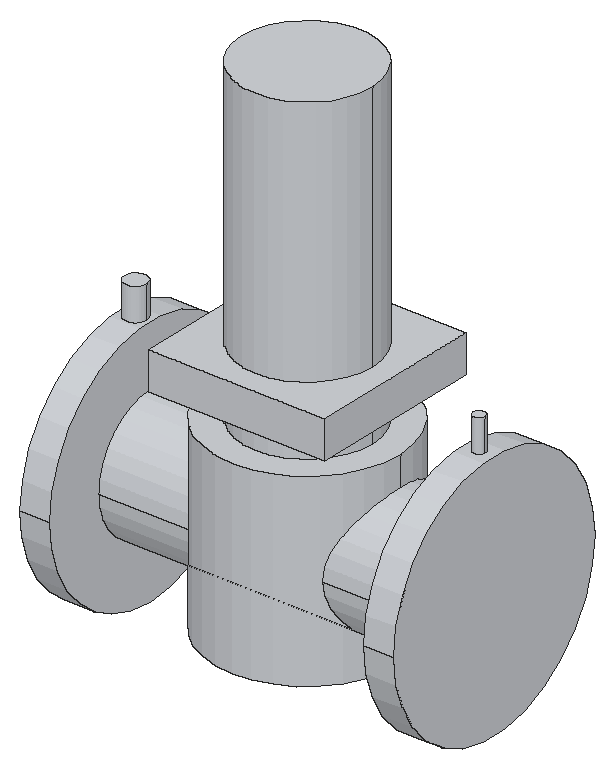
Revit family "PV_Compact_PN16_DN100_(20-100kPa)_RFA_2019", category Pipe Accessories, Revit 2019
Family settings
  Round Connector Dimension = Use Diameter
  Part Type = Valve - Breaks Into
  Work Plane-Based = No
  Always vertical = Yes
  Cut with Voids When Loaded = No
  Shared = No
Parameters (values of type "PV Compact PN16 DN100 (20-100kPa)")
  magiProductId = "9ee8abb4b353443d9e820e5bd3bf33"
  magiProductFamilyId = "23d1f353e6b1477a88f64fef0dfa1d"
  magiPartTypeId = 304
  isMeasuringValve [instance] = no
  ang2D [instance] = 0.00°
  W2D = 50 mm
  VersionID = "2.0/2018.12.13.2/FRESE_PV_COMPACT_BIG_Q13_001"
  Use Minimum Symbol Size [instance] = no
  URL = "www.hydronic.cz"
  Type Comments = "PŘÍRUBOVÝ; PN16; dpmax=1000kPa; -10~+120°C"
  R4 = 61.25 mm
  R3 = 61.1 mm
  R1 = 87.5 mm
  QmdConnectorList = "301;D;302;D"
  Productdata [instance] = ""
  Manufacturer = "Hydronic Systems Prague s.r.o."
  Maintenance Zone Under Depth [instance] = 100 mm
  Maintenance Zone Right Depth [instance] = 100 mm
  Maintenance Zone Over Depth [instance] = 100 mm
  Maintenance Zone Left Depth [instance] = 100 mm
  Maintenance Zone Front Depth [instance] = 100 mm
  Maintenance Zone Back Depth [instance] = 100 mm
  Maintenance Zone Front Visibility [instance] = no
  MC Use Limits From Balancing Method = no
  MC Throttling Minimum Value = 0
  MC Throttling Maximum Value = 0
  MC Product Code = "53-3309 DN100 PN16; nastavitelný rozsah dp=20~100kPa; Q=12,9~51,4 m3/h;  kvs=115"
  MC Pressure Drop Minimum Value = 0.0 Pa
  MC Pressure Drop Maximum Value = 0.0 Pa
  MC Piping Given Pressure Drop [instance] = 0.0 Pa
  LF__ve = -LF  # -28 mm
  LF2 = 14 mm
  LF = 28 mm
  L4 = 164.5 mm
  L3 = 294 mm
  L2D_Min = 30.48 mm
  L2D = 230 mm
  L2 = 175 mm
  H6 = 234.75 mm
  H4 = 35.25 mm
  H3 = 29.375 mm
  H2 = 88.125 mm
  H1 = 176.25 mm
  Description = "Nastavitelný regulátor tlakové diference"
  DF2 = 117.5 mm
  D = 100 mm
  Clearance Zone Height Depth [instance] = 100 mm
  Clearance Zone Circular Radius [instance] = 175 mm
  Clearance Zone Visibility [instance] = no
  CAT0 = yes
Types (7, lengths in mm): name | magiProductId | Type Comments | R4 | R3 | R1 | MC Product Code | LF__ve | LF2 | LF | L4 | L3 | L2 | H6 | H4 | H3 | H2 | H1 | DF2 | D | Clearance Zone Circular Radius
  PV Compact PN16 DN050 (20-100kPa) | "00877ad72a9f485bb97ca64af9b4c2" | "PŘÍRUBOVÝ; PN16; dpmax=1000kPa; -10~+120°C" | 40.25 | 42.9 | 57.5 | "53-3300 DN50 PN16; nastavitelný rozsah dp=20~100kPa; Q=3,2~13 m3/h;  kvs=29" | -18.4 | 9.2 | 18.4 | 108.1 | 193.2 | 115 | 82.25 | 24.75 | 20.625 | 61.875 | 123.75 | 82.5 | 50 | 115
  PV Compact PN16 DN065 (20-100kPa) | "4caf92840fdb43d88ad3b460526bbd" | "PŘÍRUBOVÝ; PN16; dpmax=1000kPa; -10~+120°C" | 50.75 | 48.1 | 72.5 | "53-3303 DN65 PN16; nastavitelný rozsah dp=20~100kPa; Q=4,7~18,8 m3/h;  kvs=42" | -23.2 | 11.6 | 23.2 | 136.3 | 243.6 | 145 | 105.25 | 27.75 | 23.125 | 69.375 | 138.75 | 92.5 | 65 | 145
  PV Compact PN16 DN080 (20-100kPa) | "fe1ae4728650433e927a6ac465ecb1" | "PŘÍRUBOVÝ; PN16; dpmax=1000kPa; -10~+120°C" | 54.25 | 52 | 77.5 | "53-3306 DN80 PN16; nastavitelný rozsah dp=20~100kPa; Q=7,5~30 m3/h;  kvs=67" | -24.8 | 12.4 | 24.8 | 145.7 | 260.4 | 155 | 141 | 30 | 25 | 75 | 150 | 100 | 80 | 155
  PV Compact PN16 DN100 (20-100kPa) | "9ee8abb4b353443d9e820e5bd3bf33" | "PŘÍRUBOVÝ; PN16; dpmax=1000kPa; -10~+120°C" | 61.25 | 61.1 | 87.5 | "53-3309 DN100 PN16; nastavitelný rozsah dp=20~100kPa; Q=12,9~51,4 m3/h;  kvs=115" | -28 | 14 | 28 | 164.5 | 294 | 175 | 234.75 | 35.25 | 29.375 | 88.125 | 176.25 | 117.5 | 100 | 175
  PV Compact PN16 DN125 (20-100kPa) | "e22e3bcdfcda477085ce507150ab41" | "PŘÍRUBOVÝ; PN16; dpmax=1000kPa; -10~+120°C" | 70 | 70.2 | 100 | "53-3312 DN125 PN16; nastavitelný rozsah dp=20~100kPa; Q=19,0~76,0 m3/h;  kvs=170" | -32 | 16 | 32 | 188 | 336 | 200 | 225.5 | 40.5 | 33.75 | 101.25 | 202.5 | 135 | 125 | 200
  PV Compact PN16 DN150 (20-100kPa) | "c042f62d475c462ea84624600fc620" | "PŘÍRUBOVÝ; PN16; dpmax=1000kPa; -10~+120°C" | 84 | 74.1 | 120 | "53-3315 DN150 PN16; nastavitelný rozsah dp=20~100kPa; Q=28,0~112 m3/h;  kvs=250" | -38.4 | 19.2 | 38.4 | 225.6 | 403.2 | 240 | 256.25 | 42.75 | 35.625 | 106.875 | 213.75 | 142.5 | 150 | 240
  PV Compact PN16 DN200 (20-100kPa) | "073b87d1a570497386745af6d59d88" | "PŘÍRUBOVÝ; PN16; dpmax=1000kPa; -10~+110°C" | 105 | 98.8 | 150 | "53-3318 DN200 PN16; nastavitelný rozsah dp=20~100kPa; Q=30,7~123 m3/h;  kvs=275" | -48 | 24 | 48 | 282 | 504 | 300 | 150 | 57 | 47.5 | 142.5 | 285 | 190 | 200 | 300
Reference planes
  plane 1 "Center (Front/Back)": y = 0
  plane 2 "XYPLANE": z = 0
  plane 3 "Center (Left/Right)": x = 0
  plane 4 "257": y = -117.5
  plane 5 "256": y = 117.5
  plane 6 "255": z = -117.5
  plane 7 "254": y = -217.5
  plane 8 "253": y = 217.5
  plane 9 "252": x = -275
  plane 10 "251": x = 275
  plane 11 "250": z = 487.5
  plane 12 "249": z = -217.5
  plane 13 "248": z = 487.5
  plane 14 "247": z = 387.5
  plane 15 "157": x = 161
  plane 16 "156": x = -161
  plane 17 "155": z = 117.5
  plane 18 "154": z = 152.75
  plane 19 "153": z = 117.5
  plane 20 "152": z = 88.125
  plane 21 "151": x = -147
  plane 22 "150": z = -88.125
  plane 23 "149": x = 0
  plane 24 "148": y = 0
  plane 25 "147": z = 0
  plane 26 "146": x = -175
  plane 27 "145": x = 175
Forms (mm)
  Blend 1, solid, visible <- "Maintenance Zone Front Visibility"
    base sketch origin (-750, 0, -217.5) x (1, 0, 0) y (0, 1, 0)
      loop
        line (475, 217.5) -> (475, -217.5) -> (1025, -217.5) -> (1025, 217.5) -> (475, 217.5)
    top sketch origin (-750, 0, -217.5) x (1, 0, 0) y (0, 1, 0)
      loop
        line (475, 217.5) -> (475, -217.5) -> (1025, -217.5) -> (1025, 217.5) -> (475, 217.5)
    from 0 to 705
  Blend 2, solid, visible <- "Clearance Zone Visibility"
    base sketch origin (-750, 0, 0) x (1, 0, 0) y (0, 1, 0)
      loop
        circle (750, 0) r 175
    top sketch origin (-750, 0, 0) x (1, 0, 0) y (0, 1, 0)
      loop
        circle (750, 0) r 175
    from 0 to 487.5
  Extrusion 3, solid, visible <- "CAT0"
    sketch origin (-750, 0, 117.5) x (1, 0, 0) y (0, 1, 0)
      loop
        circle (911, 0) r 5.5
    from 0 to 30
  Extrusion 4, solid, visible <- "CAT0"
    sketch origin (-750, 0, 117.5) x (1, 0, 0) y (0, 1, 0)
      loop
        circle (589, 0) r 10.3
    from 0 to 30
  Extrusion 5, solid
    sketch origin (-750, 0, 152.75) x (1, 0, 0) y (0, 1, 0)
      loop
        circle (750, 0) r 61.25
    from 0 to 234.75 <- "H6"
  Extrusion 6, solid, visible <- "CAT0"
    sketch origin (-750, 0, 117.5) x (1, 0, 0) y (0, 1, 0)
      loop
        line (832.25, 82.25) -> (667.75, 82.25) -> (667.75, -82.25) -> (832.25, -82.25) -> (832.25, 82.25)
    from 0 to 35.25 <- "H4"
  Extrusion 7, solid, visible <- "CAT0"
    sketch origin (-750, 0, 88.125) x (1, 0, 0) y (0, 1, 0)
      loop
        circle (750, 0) r 61.25
    from 0 to 29.375 <- "H3"
  Extrusion 8, solid, visible <- "CAT0"
    sketch origin (-147, -750, 0) x (0, 1, 0) y (0, 0, 1)
      loop
        circle (750, 0) r 61.1
    from 0 to 294 <- "L3"
  Extrusion 9, solid, visible <- "CAT0"
    sketch origin (-750, 0, -88.125) x (1, 0, 0) y (0, 1, 0)
      loop
        circle (750, 0) r 87.5
    from 0 to 176.25 <- "H1"
  Extrusion 10, solid, visible <- "CAT0"
    sketch origin (-175, -750, 0) x (0, 1, 0) y (0, 0, 1)
      loop
        circle (750, 0) r 117.5
    from 0 to 28 <- "LF"
  Extrusion 11, solid, visible <- "CAT0"
    sketch origin (175, -750, 0) x (0, 1, 0) y (0, 0, 1)
      loop
        circle (750, 0) r 117.5
    from 0 to -28 <- "LF__ve"
  Extrusion 12, solid, not visible
    sketch origin (-175, -750, 0) x (0, 1, 0) y (0, 0, 1)
      loop
        circle (750, 0) r 10
    from 0 to 10
  Extrusion 13, solid, not visible
    sketch origin (175, -750, 0) x (0, 1, 0) y (0, 0, 1)
      loop
        circle (750, 0) r 10
    from 0 to -10
Lines and regions (mm)
  reference lines, not visible
    curve 1: circle (2, 2, 0) r 1 normal (0, 0, 1)
  reference lines
    curve 2: circle (0, 0, 117.5) r 1 normal (0, 0, 1)
Dimensions and locks
  plane 1 "Center (Front/Back)" to curve 1 = 2 mm
  "DF2": plane 24 "148" to plane 4 "257"
  "DF2": plane 24 "148" to plane 5 "256"
  "DF2": plane 25 "147" to plane 6 "255"
  "Maintenance Zone Front Depth": plane 4 "257" to plane 7 "254"
  "Maintenance Zone Back Depth": plane 5 "256" to plane 8 "253"
  "Maintenance Zone Left Depth": plane 26 "146" to plane 9 "252"
  "Maintenance Zone Right Depth": plane 27 "145" to plane 10 "251"
  "Maintenance Zone Over Depth": plane 14 "247" to plane 11 "250"
  "Maintenance Zone Under Depth": plane 6 "255" to plane 12 "249"
  "Clearance Zone Height Depth": plane 14 "247" to plane 13 "248"
  "H6": plane 18 "154" to plane 14 "247"
  "LF2": plane 27 "145" to plane 15 "157"
  "LF2": plane 26 "146" to plane 16 "156"
  "DF2": plane 2 "XYPLANE" to plane 17 "155"
  "H4": plane 19 "153" to plane 18 "154"
  "H3": plane 20 "152" to plane 19 "153"
  "H1": plane 22 "150" to plane 20 "152"
  "LF": plane 26 "146" to plane 21 "151"
  "H2": plane 2 "XYPLANE" to plane 22 "150"
  locked: plane 3 "Center (Left/Right)" to plane 23 "149"
  locked: plane 1 "Center (Front/Back)" to plane 24 "148"
  locked: plane 2 "XYPLANE" to plane 25 "147"
  "L2": plane 3 "Center (Left/Right)" to plane 26 "146"
  "L2": plane 3 "Center (Left/Right)" to plane 27 "145"
  Blend 1 sketch curve to Blend 1 sketch curve = 0 mm  (x16)
  equal spacing: Extrusion 6 sketch curve, curve 2, Extrusion 6 sketch curve  (x2)
  "L4": Extrusion 6 sketch curve to Extrusion 6 sketch curve  (x2)
  Extrusion 6 sketch curve to Extrusion 6 sketch curve = 0 mm  (x8)
  "Clearance Zone Circular Radius": radius of Blend 2 sketch curve  (x2)
  "R4": radius of Extrusion 5 sketch curve
  "R4": radius of Extrusion 7 sketch curve
  "R3": radius of Extrusion 8 sketch curve
  "R1": radius of Extrusion 9 sketch curve
  "DF2": radius of Extrusion 10 sketch curve
  "DF2": radius of Extrusion 11 sketch curve
  aligned and locked: level to plane 2 "XYPLANE"
  aligned and locked: Blend 1 sketch curve to plane 8 "253"  (x2)
  aligned and locked: plane 9 "252" to Blend 1 sketch curve  (x4)
  aligned and locked: plane 10 "251" to Blend 1 sketch curve  (x4)
  aligned and locked: plane 8 "253" to Blend 1 sketch curve  (x2)
  aligned and locked: plane 7 "254" to Blend 1 sketch curve  (x4)
  aligned and locked: plane 11 "250" to Blend 1
  aligned and locked: plane 23 "149" to Blend 2 sketch curve  (x2)
  aligned and locked: plane 24 "148" to Blend 2 sketch curve  (x2)
  aligned and locked: plane 13 "248" to Blend 2
  aligned and locked: plane 15 "157" to Extrusion 3 sketch curve
  aligned and locked: plane 24 "148" to Extrusion 3 sketch curve
  aligned and locked: plane 16 "156" to Extrusion 4 sketch curve
  aligned and locked: plane 24 "148" to Extrusion 4 sketch curve
  aligned and locked: plane 23 "149" to Extrusion 5 sketch curve
  aligned and locked: plane 24 "148" to Extrusion 5 sketch curve
  aligned and locked: plane 23 "149" to curve 2
  aligned and locked: plane 24 "148" to curve 2
  aligned and locked: plane 23 "149" to Extrusion 7 sketch curve
  aligned and locked: plane 24 "148" to Extrusion 7 sketch curve
  aligned and locked: Extrusion 8 sketch curve to plane 24 "148"
  aligned and locked: plane 25 "147" to Extrusion 8 sketch curve
  aligned and locked: plane 23 "149" to Extrusion 9 sketch curve
  aligned and locked: plane 24 "148" to Extrusion 9 sketch curve
  aligned and locked: Extrusion 10 sketch curve to plane 24 "148"
  aligned and locked: plane 25 "147" to Extrusion 10 sketch curve
  aligned and locked: Extrusion 11 sketch curve to plane 24 "148"
  aligned and locked: plane 25 "147" to Extrusion 11 sketch curve
  aligned and locked: Extrusion 12 sketch curve to plane 24 "148"
  aligned and locked: plane 25 "147" to Extrusion 12 sketch curve
  aligned and locked: Extrusion 13 sketch curve to plane 24 "148"
  aligned and locked: plane 25 "147" to Extrusion 13 sketch curve
Automatic sketch dimensions
  Extrusion 3 sketch curve to plane 15 "157" = 5.5 mm
  plane 26 "146" to Extrusion 4 sketch curve = 3.7 mm
  plane 1 "Center (Front/Back)" to Extrusion 12 sketch curve = 10 mm
  plane 1 "Center (Front/Back)" to Extrusion 13 sketch curve = 10 mm
  plane 3 "Center (Left/Right)" to curve 1 = 2 mm
  plane 21 "151" to Extrusion 6 sketch curve = 64.75 mm
  plane 4 "257" to Extrusion 6 sketch curve = 35.25 mm
  radius of curve 2 = 1 mm
  radius of curve 1 = 1 mm
Connectors
  piping at (-175, 0, 0), diameter 100, driven by "D"
    settings: on Extrusion 12, index 1, connector inside diameter 609.6 mm, connector length 0 mm, flow factor 0, pipe flow 0.0 L/s, pressure drop 0.0 Pa, fitting loss kfactor 0, connector angle 0.00°, fixture units 0, engagement length 0 mm, angle of deflection 0.00°, flow configuration 0, flow direction 0, fitting loss method 0, system type 29, joint type 0, gender type 0, connector reference index 2, connector utility 0, adjustable connector no, is connector primary yes, connector description ""
  piping at (175, 0, 0), diameter 100, driven by "D"
    settings: on Extrusion 13, index 2, connector inside diameter 609.6 mm, connector length 0 mm, flow factor 0, pipe flow 0.0 L/s, pressure drop 0.0 Pa, fitting loss kfactor 0, connector angle 0.00°, fixture units 0, engagement length 0 mm, angle of deflection 0.00°, flow configuration 0, flow direction 0, fitting loss method 0, system type 29, joint type 0, gender type 0, connector reference index 1, connector utility 0, adjustable connector no, is connector primary no, connector description ""
